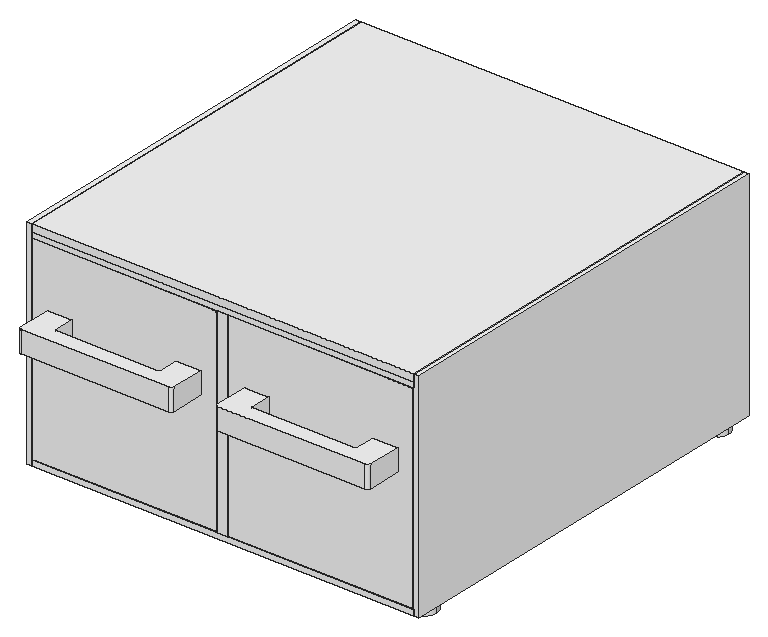
Revit family "QF_Vollrath_SBB23", category Specialty Equipment, Revit 2016
Family settings
  Part Type = Normal
  Round Connector Dimension = Use Diameter
  OmniClass Number = 23.40.40.00
  OmniClass Title = Food Service Equipment and Furnishings
  Work Plane-Based = Yes
  Always vertical = Yes
  Cut with Voids When Loaded = No
  Shared = No
  Room Calculation Point = No
Parameters
  Width = 13 3/8"
  Weight in Pounds = 0
  Watermarked By = ""
  URL Cutsheet = ""
  Specification by User [instance] = ""
  Specification by Manufacturer [instance] = ""
  Serial Number [instance] = ""
  Revision Code [instance] = ""
  NAFEM Spec ID Number [instance] = ""
  Model = "SBB23"
  Masterspec [instance] = ""
  Manufacturer = "Vollrath"
  Item Number [instance] = "-"
  Installed By [instance] = ""
  Height = 7 3/8"
  Furnished By [instance] = ""
  Foodservice Equipment Identifier = yes
  Description = "2/3 Display Bin with 2 Drawers"
  Depth = 14"
  Default Elevation = 48"
  CSI MasterFormat = ""
Reference planes (in)
  plane 1 "BACK": y = 0
  plane 2 "BOTTOM": z = 0
  plane 3 "LEFT": x = -16.56573
  plane 4 "Center": x = -9.87823
  plane 5 "Front Inner": y = -14
  plane 6 "FRONT": y = -15.2462
  plane 7 "Bottom of Body": z = 0.38
  plane 8 "TOP": z = 7.755
  plane 9: z = 5.305
  plane 10 "Bottom Handle": z = 4.555
  plane 11 "Caster Left": x = -16.00573
  plane 12 "Caster Back": y = -0.56
  plane 13 "Caster Front": y = -13
  plane 14: x = -3.19073
  plane 15 "Caster Right": x = -3.75323
Forms (in)
  Extrusion 1, solid, material "QF_Plastic-White-Transparent"
    sketch origin (0, 0, 0) x (1, 0, 0) y (0, 0, 1)
      loop
        line (-16.56573, 7.755) -> (-16.56573, 0.38) -> (-16.39573, 0.38) -> (-16.39573, 7.755) -> (-16.56573, 7.755)
    from 0 to 14
  Extrusion 2, solid, material "QF_Plastic-White-Transparent"
    sketch origin (0, 0, 0) x (1, 0, 0) y (0, 0, 1)
      loop
        line (-3.19073, 7.755) -> (-3.36073, 7.755) -> (-3.36073, 0.38) -> (-3.19073, 0.38) -> (-3.19073, 7.755)
    from 0 to 14
  Extrusion 3, solid, material "QF_Plastic-White-Transparent"
    sketch origin (0, 0, 0) x (1, 0, 0) y (0, 0, 1)
      loop
        line (-16.39573, 0.38) -> (-3.36073, 0.38) -> (-3.36073, 0.55) -> (-16.39573, 0.55) -> (-16.39573, 0.38)
    from 0 to 14
  Extrusion 4, solid, material "QF_Plastic-White-Transparent"
    sketch origin (0, 0, 0) x (1, 0, 0) y (0, 0, 1)
      loop
        line (-16.39573, 7.755) -> (-16.39573, 7.505) -> (-3.36073, 7.505) -> (-3.36073, 7.755) -> (-16.39573, 7.755)
    from 0 to 14
  Extrusion 5, solid, material "QF_Plastic-White-Transparent"
    sketch origin (0, 0, 0) x (1, 0, 0) y (0, 0, 1)
      loop
        line (-16.39573, 7.505) -> (-16.39573, 7.335) -> (-3.36073, 7.335) -> (-3.36073, 7.505) -> (-16.39573, 7.505)
    from 0 to 14
  Extrusion 6, solid, material "QF_Plastic-White-Transparent"
    sketch origin (0, 0, 0) x (1, 0, 0) y (0, 0, 1)
      loop
        line (-3.36073, 7.335) -> (-16.39573, 7.335) -> (-16.39573, 0.55) -> (-3.36073, 0.55) -> (-3.36073, 7.335)
    from 0 to 0.17
  Extrusion 7, solid, material "QF_Plastic-White-Transparent"
    sketch origin (0, -14, 0) x (1, 0, 0) y (0, 0, 1)
      loop
        arc (-10.128, 0.57992) -> (-10.10591, 0.58907) -> (-10.09675, 0.61117) r 0.03125
        line (-10.09675, 0.61117) -> (-10.09675, 7.27442)
        arc (-10.09675, 7.27442) -> (-10.10591, 7.29651) -> (-10.128, 7.30567) r 0.03125
        line (-10.128, 7.30567) -> (-16.31585, 7.30567)
        arc (-16.31585, 7.30567) -> (-16.33812, 7.29644) -> (-16.34734, 7.27417) r 0.03149
        line (-16.34734, 7.27417) -> (-16.34734, 0.61135)
        arc (-16.34734, 0.61135) -> (-16.33814, 0.58912) -> (-16.31591, 0.57992) r 0.03143
        line (-16.31591, 0.57992) -> (-10.128, 0.57992)
      loop
        line (-9.62845, 0.57992) -> (-3.44054, 0.57992)
        arc (-3.44054, 0.57992) -> (-3.41831, 0.58912) -> (-3.40911, 0.61135) r 0.03143
        line (-3.40911, 0.61135) -> (-3.40911, 7.27417)
        arc (-3.40911, 7.27417) -> (-3.41833, 7.29644) -> (-3.4406, 7.30567) r 0.03149
        line (-3.4406, 7.30567) -> (-9.62845, 7.30567)
        arc (-9.62845, 7.30567) -> (-9.65054, 7.29651) -> (-9.6597, 7.27442) r 0.03125
        line (-9.6597, 7.27442) -> (-9.6597, 0.61117)
        arc (-9.6597, 0.61117) -> (-9.65054, 0.58907) -> (-9.62845, 0.57992) r 0.03125
    from 0 to -0.17
  Extrusion 8, solid, material "QF_Plastic-White-Transparent"
    sketch origin (0, -14, 0) x (1, 0, 0) y (0, 0, 1)
      loop
        line (-16.34734, 4.175) -> (-16.34734, 0.61)
        arc (-16.34734, 0.61) -> (-16.33856, 0.58879) -> (-16.31734, 0.58) r 0.03
        line (-16.31734, 0.58) -> (-10.12675, 0.58)
        arc (-10.12675, 0.58) -> (-10.10554, 0.58879) -> (-10.09675, 0.61) r 0.03
        line (-10.09675, 0.61) -> (-10.09675, 4.175) -> (-10.24823, 4.175) -> (-10.24823, 0.75) -> (-16.19573, 0.75) -> (-16.19573, 4.175) -> (-16.34734, 4.175)
      loop
        line (-3.40911, 4.175) -> (-3.56073, 4.175) -> (-3.56073, 0.75) -> (-9.50823, 0.75) -> (-9.50823, 4.175) -> (-9.6597, 4.175) -> (-9.6597, 0.61)
        arc (-9.6597, 0.61) -> (-9.65091, 0.58879) -> (-9.6297, 0.58) r 0.03
        line (-9.6297, 0.58) -> (-3.43911, 0.58)
        arc (-3.43911, 0.58) -> (-3.41789, 0.58879) -> (-3.40911, 0.61) r 0.03
        line (-3.40911, 0.61) -> (-3.40911, 4.175)
    from -0.17 to -13.44
  Extrusion 9, solid, material "QF_Plastic-White-Transparent"
    sketch origin (0, -0.56, 0) x (1, 0, 0) y (0, 0, 1)
      loop
        line (-10.09675, 4.555) -> (-16.34734, 4.555) -> (-16.34734, 0.61)
        arc (-16.34734, 0.61) -> (-16.33856, 0.58879) -> (-16.31734, 0.58) r 0.03
        line (-16.31734, 0.58) -> (-10.12675, 0.58)
        arc (-10.12675, 0.58) -> (-10.10554, 0.58879) -> (-10.09675, 0.61) r 0.03
        line (-10.09675, 0.61) -> (-10.09675, 4.555)
      loop
        line (-9.6597, 4.555) -> (-9.6597, 0.61)
        arc (-9.6597, 0.61) -> (-9.65091, 0.58879) -> (-9.6297, 0.58) r 0.03
        line (-9.6297, 0.58) -> (-3.43911, 0.58)
        arc (-3.43911, 0.58) -> (-3.41789, 0.58879) -> (-3.40911, 0.61) r 0.03
        line (-3.40911, 0.61) -> (-3.40911, 4.555) -> (-9.6597, 4.555)
    from 0 to -0.17
  Extrusion 10, solid, material "QF_Plastic-White-Transparent"
    sketch origin (0, 0, 4.555) x (0, 1, 0) y (-1, 0, 0)
      loop
        line (-14, 15.82573) -> (-15.1462, 15.82573)
        arc (-15.1462, 15.82573) -> (-15.21691, 15.79644) -> (-15.2462, 15.72573) r 0.1
        line (-15.2462, 15.72573) -> (-15.2462, 10.71823)
        arc (-15.2462, 10.71823) -> (-15.21691, 10.64751) -> (-15.1462, 10.61823) r 0.1
        line (-15.1462, 10.61823) -> (-14, 10.61823) -> (-14, 11.43823) -> (-14.6862, 11.43823)
        arc (-14.6862, 11.43823) -> (-14.72156, 11.45287) -> (-14.7362, 11.48823) r 0.05
        line (-14.7362, 11.48823) -> (-14.7362, 14.95573)
        arc (-14.7362, 14.95573) -> (-14.72156, 14.99108) -> (-14.6862, 15.00573) r 0.05
        line (-14.6862, 15.00573) -> (-14, 15.00573) -> (-14, 15.82573)
      loop
        line (-14, 3.93073) -> (-14, 4.75073) -> (-14.6862, 4.75073)
        arc (-14.6862, 4.75073) -> (-14.72156, 4.76537) -> (-14.7362, 4.80073) r 0.05
        line (-14.7362, 4.80073) -> (-14.7362, 8.26823)
        arc (-14.7362, 8.26823) -> (-14.72156, 8.30358) -> (-14.6862, 8.31823) r 0.05
        line (-14.6862, 8.31823) -> (-14, 8.31823) -> (-14, 9.13823) -> (-15.1462, 9.13823)
        arc (-15.1462, 9.13823) -> (-15.21691, 9.10894) -> (-15.2462, 9.03823) r 0.1
        line (-15.2462, 9.03823) -> (-15.2462, 4.03073)
        arc (-15.2462, 4.03073) -> (-15.21691, 3.96001) -> (-15.1462, 3.93073) r 0.1
        line (-15.1462, 3.93073) -> (-14, 3.93073)
    from 0 to 0.75
  Blend 11, solid, material "QF_Plastic-White-Transparent"
    base sketch origin (0, 0, 0) x (1, 0, 0) y (0, 1, 0)
      loop
        circle (-16.00573, -0.56) r 0.35
    top sketch origin (0, 0, 0) x (1, 0, 0) y (0, 1, 0)
      loop
        circle (-16.00573, -0.56) r 0.38
    from 0 to 0.38
  Blend 12, solid, material "QF_Plastic-White-Transparent"
    base sketch origin (0, 0, 0) x (1, 0, 0) y (0, 1, 0)
      loop
        circle (-3.75323, -0.56) r 0.35
    top sketch origin (0, 0, 0) x (1, 0, 0) y (0, 1, 0)
      loop
        circle (-3.75323, -0.56) r 0.38
    from 0 to 0.38
  Blend 13, solid, material "QF_Plastic-White-Transparent"
    base sketch origin (0, 0, 0) x (1, 0, 0) y (0, 1, 0)
      loop
        circle (-16.00573, -13) r 0.35
    top sketch origin (0, 0, 0) x (1, 0, 0) y (0, 1, 0)
      loop
        circle (-16.00573, -13) r 0.38
    from 0 to 0.38
  Blend 14, solid, material "QF_Plastic-White-Transparent"
    base sketch origin (0, 0, 0) x (1, 0, 0) y (0, 1, 0)
      loop
        circle (-3.75323, -13) r 0.35
    top sketch origin (0, 0, 0) x (1, 0, 0) y (0, 1, 0)
      loop
        circle (-3.75323, -13) r 0.38
    from 0 to 0.38
  Extrusion 15, solid, material "QF_Plastic-White-Transparent"
    sketch origin (0, -14, 0) x (1, 0, 0) y (0, 0, 1)
      loop
        line (-9.70635, 7.335) -> (-10.0501, 7.335) -> (-10.0501, 0.55) -> (-9.70635, 0.55) -> (-9.70635, 7.335)
    from 0 to -13.83
Lines and regions (in)
  symbolic lines
    curve 1: line (-16.56573, 0, 0) -> (-3.19073, 0, 0)
    curve 2: line (-16.56573, -14, 0) -> (-16.56573, 0, 0)
    curve 3: line (-3.19073, -14, 0) -> (-16.56573, -14, 0)
    curve 4: line (-3.19073, 0, 0) -> (-3.19073, -14, 0)
    curve 5: line (-15.72573, -15.2462, 0) -> (-10.71823, -15.2462, 0)
    curve 6: line (-11.48823, -14.7362, 0) -> (-14.95573, -14.7362, 0)
    curve 7: line (-15.00573, -14.6862, 0) -> (-15.00573, -14, 0)
    curve 8: arc (-14.95573, -14.7362, 0) -> (-14.99108, -14.72156, 0) -> (-15.00573, -14.6862, 0) r 0.05
    curve 9: arc (-11.43823, -14.6862, 0) -> (-11.45287, -14.72156, 0) -> (-11.48823, -14.7362, 0) r 0.05
    curve 10: line (-11.43823, -14, 0) -> (-11.43823, -14.6862, 0)
    curve 11: arc (-15.82573, -15.1462, 0) -> (-15.79644, -15.21691, 0) -> (-15.72573, -15.2462, 0) r 0.1
    curve 12: line (-15.82573, -14, 0) -> (-15.82573, -15.1462, 0)
    curve 13: line (-10.61823, -15.1462, 0) -> (-10.61823, -14, 0)
    curve 14: arc (-10.71823, -15.2462, 0) -> (-10.64751, -15.21691, 0) -> (-10.61823, -15.1462, 0) r 0.1
    curve 15: line (-9.13823, -14, 0) -> (-9.13823, -15.1462, 0)
    curve 16: arc (-9.13823, -15.1462, 0) -> (-9.10894, -15.21691, 0) -> (-9.03823, -15.2462, 0) r 0.1
    curve 17: line (-9.03823, -15.2462, 0) -> (-4.03073, -15.2462, 0)
    curve 18: arc (-4.03073, -15.2462, 0) -> (-3.96001, -15.21691, 0) -> (-3.93073, -15.1462, 0) r 0.1
    curve 19: line (-3.93073, -15.1462, 0) -> (-3.93073, -14, 0)
    curve 20: line (-4.75073, -14, 0) -> (-4.75073, -14.6862, 0)
    curve 21: arc (-4.75073, -14.6862, 0) -> (-4.76537, -14.72156, 0) -> (-4.80073, -14.7362, 0) r 0.05
    curve 22: line (-4.80073, -14.7362, 0) -> (-8.26823, -14.7362, 0)
    curve 23: arc (-8.26823, -14.7362, 0) -> (-8.30358, -14.72156, 0) -> (-8.31823, -14.6862, 0) r 0.05
    curve 24: line (-8.31823, -14.6862, 0) -> (-8.31823, -14, 0)
Dimensions and locks (in)
  "Depth": plane 5 "Front Inner" to plane 1 "BACK"
  locked: plane 6 "FRONT" to plane 5 "Front Inner" at 1.2462
  locked: plane 7 "Bottom of Body" to plane 2 "BOTTOM" at 0.38
  "Height": plane 8 "TOP" to plane 7 "Bottom of Body"
  locked: plane 8 "TOP" to plane 9 at 2.45
  locked: plane 9 to plane 10 "Bottom Handle" at 0.75
  locked: plane 3 "LEFT" to plane 11 "Caster Left" at 0.56
  locked: plane 12 "Caster Back" to plane 1 "BACK" at 0.56
  locked: plane 5 "Front Inner" to plane 13 "Caster Front" at 1
  locked: plane 3 "LEFT" to Extrusion 1 sketch curve at 0.17
  locked: Extrusion 3 sketch curve to plane 7 "Bottom of Body" at 0.17
  locked: plane 8 "TOP" to Extrusion 5 sketch curve at 0.42
  locked: plane 8 "TOP" to Extrusion 5 sketch curve at 0.25
  "Width": plane 3 "LEFT" to plane 14
  locked: Extrusion 2 sketch curve to plane 14 at 0.17
  locked: plane 15 "Caster Right" to plane 14 at 0.5625
  equal spacing: plane 3 "LEFT", plane 4 "Center", plane 14
  aligned and locked: level to plane 2 "BOTTOM"
  aligned and locked: Extrusion 1 sketch curve to plane 3 "LEFT"
  aligned and locked: plane 8 "TOP" to Extrusion 1 sketch curve
  aligned and locked: Extrusion 1 sketch curve to plane 7 "Bottom of Body"
  aligned and locked: Extrusion 2 sketch curve to plane 7 "Bottom of Body"
  aligned and locked: plane 8 "TOP" to Extrusion 2 sketch curve
  aligned and locked: plane 5 "Front Inner" to Extrusion 1
  aligned and locked: plane 5 "Front Inner" to Extrusion 2
  aligned and locked: Extrusion 3 sketch curve to plane 7 "Bottom of Body"
  aligned and locked: Extrusion 3 sketch curve to Extrusion 1
  aligned and locked: Extrusion 4 sketch curve to plane 8 "TOP"
  aligned and locked: Extrusion 1 to Extrusion 4 sketch curve
  aligned and locked: Extrusion 1 to Extrusion 5 sketch curve
  aligned and locked: plane 5 "Front Inner" to Extrusion 4
  aligned and locked: plane 5 "Front Inner" to Extrusion 5
  aligned and locked: plane 5 "Front Inner" to Extrusion 3
  aligned and locked: Extrusion 6 sketch curve to Extrusion 5  (x2)
  aligned and locked: Extrusion 6 sketch curve to Extrusion 3  (x2)
  aligned and locked: Extrusion 9 sketch curve to plane 10 "Bottom Handle"
  aligned and locked: plane 5 "Front Inner" to Extrusion 10 sketch curve  (x2)
  aligned and locked: Extrusion 10 sketch curve to plane 6 "FRONT"
  aligned and locked: plane 9 to Extrusion 10
  aligned and locked: plane 7 "Bottom of Body" to Blend 11
  aligned and locked: plane 7 "Bottom of Body" to Blend 12
  aligned and locked: plane 7 "Bottom of Body" to Blend 13
  aligned and locked: plane 7 "Bottom of Body" to Blend 14
  aligned and locked: curve 1 to Extrusion 1
  aligned and locked: curve 2 to Extrusion 1
  aligned and locked: curve 3 to Extrusion 2
  aligned and locked: curve 5 to Extrusion 10
  aligned and locked: curve 6 to Extrusion 10
  aligned and locked: curve 7 to Extrusion 10
  aligned and locked: curve 10 to Extrusion 10
  aligned and locked: curve 12 to Extrusion 10
  aligned and locked: curve 13 to Extrusion 10
  aligned and locked: Extrusion 15 sketch curve to Extrusion 3
  aligned and locked: Extrusion 5 to Extrusion 15 sketch curve
  aligned and locked: Extrusion 15 to Extrusion 6
  aligned and locked: curve 15 to Extrusion 10
  aligned and locked: curve 17 to Extrusion 10
  aligned and locked: curve 19 to Extrusion 10
  aligned and locked: curve 20 to Extrusion 10
  aligned and locked: curve 22 to Extrusion 10
  aligned and locked: curve 24 to Extrusion 10
Automatic sketch dimensions
  Extrusion 4 sketch curve to Extrusion 4 sketch curve = 1/4"
  Blend 11 sketch curve to plane 11 "Caster Left" = 0"  (x2)
  plane 12 "Caster Back" to Blend 11 sketch curve = 0"  (x2)
  plane 12 "Caster Back" to Blend 12 sketch curve = 0"  (x2)
  Blend 13 sketch curve to plane 11 "Caster Left" = 0"  (x2)
  plane 13 "Caster Front" to Blend 13 sketch curve = 0"  (x2)
  plane 13 "Caster Front" to Blend 14 sketch curve = 0"  (x2)
  Extrusion 2 sketch curve to plane 14 = 0"
  Extrusion 3 sketch curve to plane 14 = 0.17"
  Extrusion 4 sketch curve to plane 14 = 0.17"
  Extrusion 5 sketch curve to plane 14 = 0.17"
  Blend 12 sketch curve to plane 15 "Caster Right" = 0"  (x2)
  Blend 14 sketch curve to plane 15 "Caster Right" = 0"  (x2)
  Extrusion 15 sketch curve to plane 4 "Center" = 11/64"
  plane 4 "Center" to Extrusion 15 sketch curve = 11/64"
  plane 3 "LEFT" to Extrusion 7 sketch curve = 0.21838"
  Extrusion 7 sketch curve to Extrusion 7 sketch curve = 0.03143"
  Extrusion 7 sketch curve to Extrusion 7 sketch curve = 0.03149"  (x2)
  Extrusion 7 sketch curve to plane 4 "Center" = 0.24978"  (x2)
  Extrusion 7 sketch curve to Extrusion 7 sketch curve = 1/32"  (x3)
  plane 4 "Center" to Extrusion 7 sketch curve = 0.21853"
  Extrusion 7 sketch curve to plane 14 = 0.24988"
  Extrusion 7 sketch curve to plane 14 = 0.24981"
  plane 7 "Bottom of Body" to Extrusion 7 sketch curve = 0.19992"  (x2)
  Extrusion 7 sketch curve to plane 8 "TOP" = 0.48083"  (x2)
  plane 3 "LEFT" to Extrusion 8 sketch curve = 0.21838"
  Extrusion 8 sketch curve to Extrusion 8 sketch curve = 0.03"  (x4)
  Extrusion 8 sketch curve to Extrusion 8 sketch curve = 0.12162"  (x2)
  Extrusion 8 sketch curve to plane 4 "Center" = 0.37"
  Extrusion 8 sketch curve to Extrusion 8 sketch curve = 0.12147"  (x2)
  plane 4 "Center" to Extrusion 8 sketch curve = 0.21853"
  plane 15 "Caster Right" to Extrusion 8 sketch curve = 0.1925"
  plane 7 "Bottom of Body" to Extrusion 8 sketch curve = 0.2"  (x2)
  Extrusion 8 sketch curve to Extrusion 8 sketch curve = 0.14"  (x2)
  Extrusion 8 sketch curve to plane 10 "Bottom Handle" = 0.38"  (x4)
  Extrusion 9 sketch curve to plane 10 "Bottom Handle" = 0"
  plane 3 "LEFT" to Extrusion 9 sketch curve = 0.21838"
  Extrusion 9 sketch curve to Extrusion 9 sketch curve = 0.03"  (x3)
  Extrusion 9 sketch curve to plane 4 "Center" = 0.24853"
  plane 4 "Center" to Extrusion 9 sketch curve = 0.21853"
  Extrusion 9 sketch curve to plane 14 = 0.24838"
  Extrusion 9 sketch curve to plane 14 = 0.21838"
  plane 7 "Bottom of Body" to Extrusion 9 sketch curve = 0.23"  (x2)
  plane 6 "FRONT" to Extrusion 10 sketch curve = 0"
  plane 5 "Front Inner" to Extrusion 10 sketch curve = 0"  (x2)
  Extrusion 10 sketch curve to Extrusion 10 sketch curve = 0.1"  (x2)
  Extrusion 10 sketch curve to plane 6 "FRONT" = 0.1"  (x2)
  Extrusion 10 sketch curve to plane 6 "FRONT" = 0.51"  (x2)
  Extrusion 10 sketch curve to Extrusion 10 sketch curve = 0.05"  (x4)
  Extrusion 10 sketch curve to plane 15 "Caster Right" = 0.1775"
  Extrusion 10 sketch curve to Extrusion 10 sketch curve = 0.82"  (x2)
  plane 4 "Center" to Extrusion 10 sketch curve = 1.61"
  plane 4 "Center" to Extrusion 10 sketch curve = 0.84"
  Extrusion 10 sketch curve to plane 4 "Center" = 0.74"
  plane 11 "Caster Left" to Extrusion 10 sketch curve = 1.05"
  plane 11 "Caster Left" to Extrusion 10 sketch curve = 0.28"
  curve 4 to plane 14 = 0"
  curve 11 to curve 5 = 0.1"
  curve 7 to curve 8 = 0.05"
  curve 6 to curve 9 = 0.05"
  curve 5 to curve 13 = 0.1"
  curve 15 to plane 6 "FRONT" = 0.1"
  curve 17 to curve 18 = 0.1"
  curve 21 to curve 20 = 0.05"
  curve 22 to curve 23 = 0.05"
  radius of Blend 11 sketch curve = 0.35"
  radius of Blend 11 sketch curve = 0.38"
  radius of Blend 12 sketch curve = 0.35"
  radius of Blend 12 sketch curve = 0.38"
  radius of Blend 13 sketch curve = 0.35"
  radius of Blend 13 sketch curve = 0.38"
  radius of Blend 14 sketch curve = 0.35"
  radius of Blend 14 sketch curve = 0.38"
